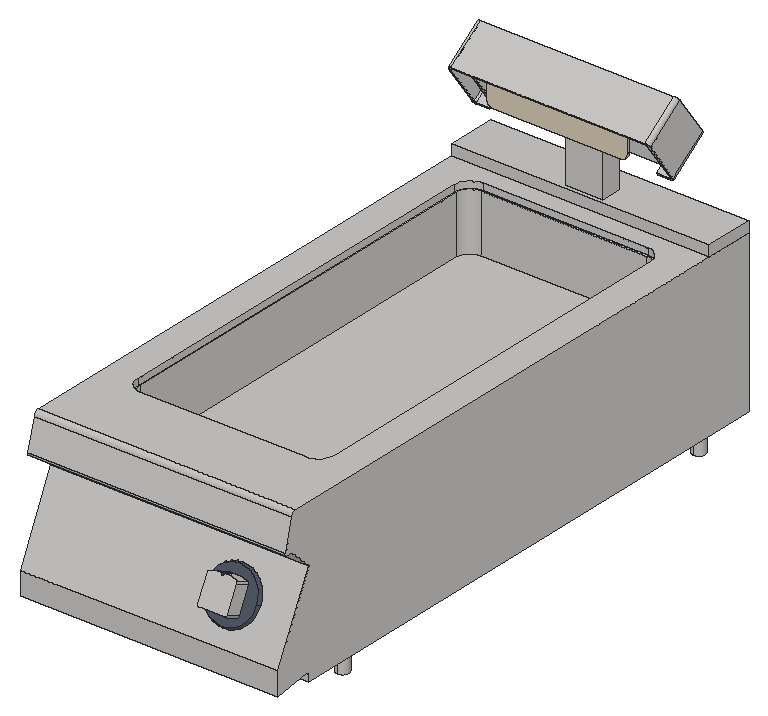
Revit family "QF_ZANUSSI_392098_Z9CSPDC000", category Specialty Equipment, Revit 2018
Family settings
  Round Connector Dimension = Use Diameter
  Part Type = Normal
  Work Plane-Based = No
  Always vertical = Yes
  Cut with Voids When Loaded = No
  Shared = No
  Room Calculation Point = No
Parameters
  Width = 400 mm  # constant formula
  Weight in Pounds = 28  # constant formula
  Weight = 0.00 kg
  Watts = 1000 W  # constant formula
  Volts = 230 V  # constant formula
  URL Manufacturer = "http://www.zanussiprofessional.com"
  URL Cutsheet = "www.electrolux.com"
  URL = "http://www.zanussiprofessional.com"
  Type Mark [instance] = ""
  Steam Supply Size = 0"
  Steam Supply Minimum Pressure = 0.00 psi
  Steam Supply Maximum Pressure = 0.00 psi
  Steam Pounds per Hour = 0
  Status [instance] = ""
  Specification by User [instance] = ""
  Specification by Manufacturer = ""
  Show Logo [instance] = yes
  Show Clearance [instance] = yes
  Serial Number = ""
  Seismic Rating = ""
  SMACNA No = ""
  Revision Code [instance] = ""
  Refrigeration Suction Line Size = 0"
  Refrigeration Liquid Line Size = 0"
  Refrigerant Compressor Remote = yes
  Phase = 1
  Omniclass Number and Title = ""
  Number of Poles [instance] = 1
  NAFEM Spec ID Number = ""
  Model = "Z9CSPDC000"
  Min Ckt Ampacity = 0 A
  Max Overcurrent Protection = 0 A
  Masterspec = ""
  Manufacturer = "Zanussi"
  Length Actual = 400 mm  # constant formula
  Item Number [instance] = "392098"
  Installed By [instance] = ""
  Identify Quantity as Lot [instance] = yes
  Hot Water Size = 0"
  Height Actual = 250 mm  # constant formula
  Height = 290 mm  # constant formula
  HP = "1.3 HP"
  Gas Size = 0"
  Gas KW = 0
  Gas Input Pressure = 0.0 Btu/h
  Furnished By [instance] = ""
  Foodservice Equipment Identifier [instance] = yes
  FL Amps = if(Phase = 3, Watts / (Volts * 1.73), Watts / Volts)  # 4.34783 A
  Electrical Remarks [instance] = "230 V/1N ph/50/60 Hz"  # constant formula
  Electric Connection Type [instance] = ""
  Elec Conn RI Height [instance] = 0 mm
  Elec Conn Connection Height [instance] = 0 mm
  Direct Waste Size = 0"
  Description = "ELECTRIC CHIP SCUTTLE TOP 400 MM"
  Depth Actual = 900 mm  # constant formula
  Depth = 915 mm  # constant formula
  Cycle [instance] = if([60 Hertz Option], 60 Hz, 50 Hz)  # 60 Hz
  Conn Plug = ""
  Conn Conduit = yes
  Condensate Return Size = 0"
  Compressed Air Volume = 0 GPM
  Compressed Air Size = 0"
  Compressed Air Pressure = 0.00 psi
  Cold Water Size = 0"
  CSI MasterFormat = ""
  CSI Master Format = ""
  Base Height = 24 mm  # constant formula
  Assembly Code = ""
  Apparent Power = if(Phase = 3, Volts * FL Amps * 1.73, Volts * FL Amps)  # 1000 VA
  Accessory = yes
  60 Hertz Option [instance] = not([50 Hertz Option])  # yes
  50 Hertz Option [instance] = no
Reference planes
  plane 1 "BACK": y = 0
  plane 2: z = 0
  plane 3 "LEFT": x = 0
  plane 4 "RIGHT": x = 400
  plane 5 "FRONT": y = -915
  plane 6 "TOP": z = 274
  plane 7 "Center Y": x = 200
  plane 8 "Center X": y = -457.5
  plane 9: z = 24
  plane 10: z = 290
  plane 11: y = -82
  plane 12: y = -790
  plane 13: z = 482
  plane 14: z = 80
Forms (mm)
  Extrusion 1, solid, material "QF_Finishes_Stainless Steel"
    sketch origin (0, 0, 0) x (0, 1, 0) y (0, 0, 1)
      loop
        line (0, 24) -> (0, 274) -> (-879.358, 274)
        arc (-879.358, 274) -> (-884.643, 271.811) -> (-886.833, 266.526) r 7.474
        line (-886.833, 266.526) -> (-899.884, 221.011)
        arc (-899.884, 221.011) -> (-899.396, 218.379) -> (-897, 217.184) r 3
        line (-897, 217.184) -> (-886.802, 217.184) -> (-854.982, 185.364) -> (-915, 64.508) -> (-915, 29.508) -> (-858.645, 37.428)
        arc (-858.645, 37.428) -> (-856.101, 36.674) -> (-855, 34.259) r 3.2
        line (-855, 34.259) -> (-855, 24) -> (0, 24)
    from 0 to 400
  Extrusion 2, solid, material "QF_Finishes_Stainless Steel"
    sketch origin (0, 0, 0) x (1, 0, 0) y (0, 1, 0)
      loop
        circle (11, -82) r 9.525
      loop
        circle (389, -82) r 9.525
      loop
        circle (11, -775) r 9.525
      loop
        circle (389, -775) r 9.525
    from 0 to 24
  Extrusion 3, solid, material "QF_Finishes_Stainless Steel"
    sketch origin (0, 0, 0) x (0, 1, 0) y (0, 0, 1)
      loop
        line (0, 274) -> (0, 290) -> (-76.2, 290) -> (-76.2, 274) -> (0, 274)
    from 0 to 400
  Extrusion 4, solid, material "QF_Finishes_Stainless Steel"
    sketch origin (0, 0, 24) x (0, 0, 1) y (1, 0, 0)
      loop
        circle (56, 200) r 3.175
    from 0 to 1.6
  Extrusion 5, solid, material "QF_Clearances", visible <- "Show Clearance", detail levels coarse
    sketch origin (0, 0, 0) x (1, 0, 0) y (0, 1, 0)
      loop
        line (0, -915) -> (0, 0) -> (400, 0) -> (400, -915) -> (550, -915) -> (550, 150) -> (-150, 150) -> (-150, -915) -> (0, -915)
    from 0 to 290
  Extrusion 6, solid, material "QF_Finishes_Stainless Steel"
    sketch origin (0, 0, 0) x (0, 1, 0) y (0, 0, 1)
      loop
        line (-38.1, 290) -> (-38.1, 404.834) -> (-69.19, 383.064) -> (-69.19, 290) -> (-38.1, 290)
    from 171.287 to 228.713
  Extrusion 7, solid, material "QF_Finishes_Stainless Steel"
    sketch origin (0, 207.687, -146.612) x (1, 0, 0) y (0, -0.573576, 0.819152)
      loop
        line (49.422, 592.696) -> (70, 592.696) -> (70, 595.896) -> (49.422, 595.896)
        arc (49.422, 595.896) -> (47.442, 596.716) -> (46.622, 598.696) r 2.8
        line (46.622, 598.696) -> (46.622, 675.455)
        arc (46.622, 675.455) -> (47.442, 677.435) -> (49.422, 678.255) r 2.8
        line (49.422, 678.255) -> (350.922, 678.255)
        arc (350.922, 678.255) -> (352.902, 677.435) -> (353.722, 675.455) r 2.8
        line (353.722, 675.455) -> (353.722, 598.696)
        arc (353.722, 598.696) -> (352.902, 596.716) -> (350.922, 595.896) r 2.8
        line (350.922, 595.896) -> (330, 595.896) -> (330, 592.696) -> (350.922, 592.696)
        arc (350.922, 592.696) -> (355.165, 594.453) -> (356.922, 598.696) r 6
        line (356.922, 598.696) -> (356.922, 675.455)
        arc (356.922, 675.455) -> (355.165, 679.698) -> (350.922, 681.455) r 6
        line (350.922, 681.455) -> (49.422, 681.455)
        arc (49.422, 681.455) -> (45.18, 679.698) -> (43.422, 675.455) r 6
        line (43.422, 675.455) -> (43.422, 598.696)
        arc (43.422, 598.696) -> (45.18, 594.453) -> (49.422, 592.696) r 6
    from -122.733 to -52.733
  Extrusion 8, solid, material "QF_Finishes_Stainless Steel"
    sketch origin (0, 207.687, -146.612) x (1, 0, 0) y (0, -0.573576, 0.819152)
      loop
        arc (353.722, 675.455) -> (352.902, 677.435) -> (350.922, 678.255) r 2.8
        line (350.922, 678.255) -> (49.422, 678.255)
        arc (49.422, 678.255) -> (47.442, 677.435) -> (46.622, 675.455) r 2.8
        line (46.622, 675.455) -> (46.622, 598.696)
        arc (46.622, 598.696) -> (47.442, 596.716) -> (49.422, 595.896) r 2.8
        line (49.422, 595.896) -> (350.922, 595.896)
        arc (350.922, 595.896) -> (352.902, 596.716) -> (353.722, 598.696) r 2.8
        line (353.722, 598.696) -> (353.722, 675.455)
    from -122.733 to -86.366
  Extrusion 9, solid, material "QF_Finishes_Stainless Steel"
    sketch origin (0, 207.687, -146.612) x (0, 0.819152, 0.573576) y (0, -0.573576, 0.819152)
      loop
        line (64.196, 600.535) -> (67.021, 599.033) -> (85.562, 633.903) -> (82.975, 635.853) -> (64.196, 600.535)
      loop
        line (69.646, 647.915) -> (72.471, 646.413) -> (86.232, 672.294) -> (83.645, 674.243) -> (69.646, 647.915)
    from 61.746 to 338.254
  Extrusion 10, solid, material "QF_Finishes_Stainless Steel"
    sketch origin (0, 207.687, -146.612) x (1, 0, 0) y (0, -0.573576, 0.819152)
      loop
        line (59.871, 678.255) -> (56.696, 678.255) -> (56.696, 595.896) -> (59.871, 595.896) -> (59.871, 678.255)
      loop
        line (340.129, 678.255) -> (340.129, 595.896) -> (343.304, 595.896) -> (343.304, 678.255) -> (340.129, 678.255)
    from -86.366 to -65.849
  Extrusion 11, solid, material "QF_Finishes_Almond"
    sketch origin (0, -118.332, -225.151) x (1, 0, 0) y (0, 0, 1)
      loop
        line (90.908, 678.255) -> (90.908, 629.664)
        arc (90.908, 629.664) -> (93.837, 622.593) -> (100.908, 619.664) r 10
        line (100.908, 619.664) -> (299.092, 619.664)
        arc (299.092, 619.664) -> (306.163, 622.593) -> (309.092, 629.664) r 10
        line (309.092, 629.664) -> (309.092, 678.255) -> (90.908, 678.255)
    from 0 to 3.2
  Extrusion 12, void
    sketch origin (0, 0, 0) x (1, 0, 0) y (0, 1, 0)
      loop
        line (328.172, -106.2) -> (72.172, -106.2)
        arc (72.172, -106.2) -> (54.495, -113.522) -> (47.172, -131.2) r 25
        line (47.172, -131.2) -> (47.172, -745.95)
        arc (47.172, -745.95) -> (54.495, -763.628) -> (72.172, -770.95) r 25
        line (72.172, -770.95) -> (328.172, -770.95)
        arc (328.172, -770.95) -> (345.85, -763.628) -> (353.172, -745.95) r 25
        line (353.172, -745.95) -> (353.172, -131.2)
        arc (353.172, -131.2) -> (345.85, -113.522) -> (328.172, -106.2) r 25
    from 174.637 to 275
  Extrusion 13, solid, material "QF_Finishes_Stainless Steel"
    sketch origin (0, 0, 0) x (1, 0, 0) y (0, 1, 0)
      loop
        line (72.172, -770.95) -> (328.172, -770.95)
        arc (328.172, -770.95) -> (345.85, -763.628) -> (353.172, -745.95) r 25
        line (353.172, -745.95) -> (353.172, -131.2)
        arc (353.172, -131.2) -> (345.85, -113.522) -> (328.172, -106.2) r 25
        line (328.172, -106.2) -> (72.172, -106.2)
        arc (72.172, -106.2) -> (54.495, -113.522) -> (47.172, -131.2) r 25
        line (47.172, -131.2) -> (47.172, -745.95)
        arc (47.172, -745.95) -> (54.495, -763.628) -> (72.172, -770.95) r 25
      loop
        arc (328.172, -767.75) -> (343.587, -761.365) -> (349.972, -745.95) r 21.8
        line (349.972, -745.95) -> (349.972, -131.2)
        arc (349.972, -131.2) -> (343.587, -115.785) -> (328.172, -109.4) r 21.8
        line (328.172, -109.4) -> (72.172, -109.4)
        arc (72.172, -109.4) -> (56.757, -115.785) -> (50.372, -131.2) r 21.8
        line (50.372, -131.2) -> (50.372, -745.95)
        arc (50.372, -745.95) -> (56.757, -761.365) -> (72.172, -767.75) r 21.8
        line (72.172, -767.75) -> (328.172, -767.75)
    from 174.637 to 264.637
  Extrusion 14, solid, material "QF_Finishes_Stainless Steel"
    sketch origin (0, 0, -15.166) x (0, 1, 0) y (0, 0, 1)
      loop
        line (-73.082, 483.512) -> (-67.28, 475.226) -> (-65.422, 477.084) -> (-73.082, 483.512)
      loop
        line (-57.188, 460.812) -> (-51.386, 452.526) -> (-49.527, 454.385) -> (-57.188, 460.812)
    from 90.908 to 152.58
  Extrusion 15, solid, material "QF_Finishes_Stainless Steel"
    sketch origin (78.256, 0, -15.166) x (0, 1, 0) y (0, 0, 1)
      loop
        line (-73.082, 483.512) -> (-67.28, 475.226) -> (-65.422, 477.084) -> (-73.082, 483.512)
      loop
        line (-57.188, 460.812) -> (-51.386, 452.526) -> (-49.527, 454.385) -> (-57.188, 460.812)
    from 90.908 to 152.58
  Extrusion 16, solid, material "QF_Finishes_Stainless Steel"
    sketch origin (156.512, 0, -15.166) x (0, 1, 0) y (0, 0, 1)
      loop
        line (-73.082, 483.512) -> (-67.28, 475.226) -> (-65.422, 477.084) -> (-73.082, 483.512)
      loop
        line (-57.188, 460.812) -> (-51.386, 452.526) -> (-49.527, 454.385) -> (-57.188, 460.812)
    from 90.908 to 152.58
  Extrusion 17, solid, material "QF_Finishes_Stainless Steel"
    sketch origin (0, -836.972, 24) x (1, 0, 0) y (0, -1, 0)
      loop
        circle (250, -241.972) r 6.35
    from 0 to 3.2
  Blend 18, solid, material "QF_Finishes_Navy Blue"
    base sketch origin (307.115, -884.991, 124.936) x (1, 0, 0) y (0, 0.444781, 0.895639)
      loop
        circle (0, 0) r 42.5
    top sketch origin (307.115, -884.991, 124.936) x (1, 0, 0) y (0, 0.444781, 0.895639)
      loop
        circle (0, 0) r 40.5
    from 0 to 5
  Extrusion 19, solid, material "QF_Finishes_Stainless Steel"
    sketch origin (307.115, -884.991, 124.936) x (1, 0, 0) y (0, 0.444781, 0.895639)
      loop
        arc (-21.147, 22.789) -> (-22.494, 21.685) -> (-23, 20.019) r 2.997
        line (-23, 20.019) -> (-23, -20.019)
        arc (-23, -20.019) -> (-22.122, -22.138) -> (-20.003, -23.016) r 2.997
        line (-20.003, -23.016) -> (20.003, -23.016)
        arc (20.003, -23.016) -> (22.122, -22.138) -> (23, -20.019) r 2.997
        line (23, -20.019) -> (23, 20.019)
        arc (23, 20.019) -> (22.494, 21.685) -> (21.147, 22.789) r 2.997
        arc (21.147, 22.789) -> (0, 26.984) -> (-21.147, 22.789) r 55.4
    from 10 to 34
  Extrusion 20, solid, material "QF_Plastic-Black-Matte"
    sketch origin (387.115, -884.991, 124.936) x (0, 0.444781, 0.895639) y (0, -0.895639, 0.444781)
      loop
        line (26.984, 34) -> (26.984, 19) -> (27.984, 19) -> (27.984, 34)
        arc (27.984, 34) -> (27.691, 34.707) -> (26.984, 35) r 1
        line (26.984, 35) -> (23.984, 35) -> (23.984, 34) -> (26.984, 34)
    from -81 to -79
  Extrusion 21, solid, material "QF_Finishes_Stainless Steel"
    sketch origin (307.115, -884.991, 124.936) x (1, 0, 0) y (0, 0.444781, 0.895639)
      loop
        line (17.5, 17.5) -> (-17.5, 17.5) -> (-17.5, -17.5) -> (17.5, -17.5) -> (17.5, 17.5)
    from 5 to 10
Cuts and joins
  Extrusion 12 cuts Extrusion 1
  Extrusion 12 cuts Extrusion 2
  Extrusion 12 cuts Extrusion 5
  joined: Extrusion 7, Extrusion 8
Lines and regions (mm)
  Split face 1
    outline origin (306.779, -889.244, 127.614) x (1, 0, 0) y (0, 0.444781, 0.895639)
      loop
        circle (-34, 0) r 1.5
  Split face 2
    outline origin (314.68, -889.848, 126.397) x (1, 0, 0) y (0, 0.444781, 0.895639)
      loop
        circle (-7.566, -33.148) r 1.5
  Split face 3
    outline origin (310.615, -882.712, 140.767) x (1, 0, 0) y (0, 0.444781, 0.895639)
      loop
        circle (30.633, -14.752) r 1.5
  Split face 4
    outline origin (307.115, -889.469, 127.16) x (1, 0, 0) y (0, 0.444781, 0.895639)
      loop
        circle (0, 33.561) r 1.5
  symbolic lines
    curve 1: line (0, -914.879, 0) -> (284.115, -914.879, 0)
    curve 2: line (0, 0, 0) -> (0, -914.879, 0)
    curve 3: line (400, 0, 0) -> (0, 0, 0)
    curve 4: line (400, -914.879, 0) -> (400, 0, 0)
    curve 5: line (0, -76.2, 0) -> (43.422, -76.2, 0)
    curve 9: line (47.172, -139.733, 0) -> (47.172, -745.95, 0)
    curve 10: arc (47.172, -745.95, 0) -> (54.495, -763.628, 0) -> (72.172, -770.95, 0) r 25
    curve 11: line (72.172, -770.95, 0) -> (328.172, -770.95, 0)
    curve 12: arc (328.172, -770.95, 0) -> (345.85, -763.628, 0) -> (353.172, -745.95, 0) r 25
    curve 13: line (353.172, -745.95, 0) -> (353.172, -139.733, 0)
    curve 14: line (350.922, -139.984, 0) -> (49.422, -139.984, 0)
    curve 15: line (356.922, -136.542, 0) -> (356.922, -35.174, 0)
    curve 16: spline (356.922, -136.542, 0) -> (356.871, -136.991, 0) -> (356.718, -137.433, 0) -> (356.466, -137.859, 0) -> (356.118, -138.263, 0) -> (355.682, -138.637, 0) -> (355.165, -138.976, 0) -> (354.575, -139.273, 0) -> (353.922, -139.523, 0) -> (353.218, -139.722, 0) -> (352.475, -139.866, 0) -> (351.705, -139.954, 0) -> (350.922, -139.984, 0)
    curve 17: spline (49.422, -139.984, 0) -> (48.639, -139.954, 0) -> (47.869, -139.866, 0) -> (47.126, -139.722, 0) -> (46.422, -139.523, 0) -> (45.77, -139.273, 0) -> (45.18, -138.976, 0) -> (44.662, -138.637, 0) -> (44.226, -138.263, 0) -> (43.879, -137.859, 0) -> (43.627, -137.433, 0) -> (43.474, -136.991, 0) -> (43.422, -136.542, 0)
    curve 18: line (43.422, -35.174, 0) -> (43.422, -136.542, 0)
    curve 19: line (70, -31.733, 0) -> (49.422, -31.733, 0)
    curve 20: spline (49.422, -31.733, 0) -> (48.639, -31.762, 0) -> (47.869, -31.85, 0) -> (47.126, -31.995, 0) -> (46.422, -32.194, 0) -> (45.77, -32.444, 0) -> (45.18, -32.741, 0) -> (44.662, -33.079, 0) -> (44.226, -33.453, 0) -> (43.879, -33.857, 0) -> (43.627, -34.283, 0) -> (43.474, -34.725, 0) -> (43.422, -35.174, 0)
    curve 21: line (330, -33.568, 0) -> (70, -33.568, 0)
    curve 22: line (70, -33.568, 0) -> (70, -31.733, 0)
    curve 23: line (330, -31.733, 0) -> (330, -33.568, 0)
    curve 24: line (350.922, -31.733, 0) -> (330, -31.733, 0)
    curve 25: spline (356.922, -35.174, 0) -> (356.871, -34.725, 0) -> (356.718, -34.283, 0) -> (356.466, -33.857, 0) -> (356.118, -33.453, 0) -> (355.682, -33.079, 0) -> (355.165, -32.741, 0) -> (354.575, -32.444, 0) -> (353.922, -32.194, 0) -> (353.218, -31.995, 0) -> (352.475, -31.85, 0) -> (351.705, -31.762, 0) -> (350.922, -31.733, 0)
    curve 26: spline (43.422, -79.202, 0) -> (43.474, -79.651, 0) -> (43.627, -80.092, 0) -> (43.879, -80.519, 0) -> (44.226, -80.922, 0) -> (44.662, -81.297, 0) -> (45.18, -81.635, 0) -> (45.77, -81.932, 0) -> (46.422, -82.182, 0) -> (47.126, -82.381, 0) -> (47.869, -82.526, 0) -> (48.639, -82.614, 0) -> (49.422, -82.643, 0)
    curve 27: line (49.422, -82.643, 0) -> (350.922, -82.643, 0)
    curve 28: spline (350.922, -82.643, 0) -> (351.705, -82.614, 0) -> (352.475, -82.526, 0) -> (353.218, -82.381, 0) -> (353.922, -82.182, 0) -> (354.575, -81.932, 0) -> (355.165, -81.635, 0) -> (355.682, -81.297, 0) -> (356.118, -80.922, 0) -> (356.466, -80.519, 0) -> (356.718, -80.092, 0) -> (356.871, -79.651, 0) -> (356.922, -79.202, 0)
    curve 29: line (309.092, -49.527, 0) -> (247.42, -49.527, 0)
    curve 30: line (247.42, -57.188, 0) -> (309.092, -57.188, 0)
    curve 31: line (309.092, -73.082, 0) -> (309.092, -65.422, 0)
    curve 32: line (247.42, -49.527, 0) -> (247.42, -57.188, 0)
    curve 33: line (230.836, -73.082, 0) -> (230.836, -65.422, 0)
    curve 34: line (169.164, -49.527, 0) -> (169.164, -57.188, 0)
    curve 35: line (230.836, -49.527, 0) -> (169.164, -49.527, 0)
    curve 36: line (169.164, -57.188, 0) -> (230.836, -57.188, 0)
    curve 37: line (230.836, -65.422, 0) -> (169.164, -65.422, 0)
    curve 38: line (169.164, -73.082, 0) -> (230.836, -73.082, 0)
    curve 39: line (90.908, -73.082, 0) -> (152.58, -73.082, 0)
    curve 40: line (152.58, -65.422, 0) -> (90.908, -65.422, 0)
    curve 41: line (90.908, -57.188, 0) -> (152.58, -57.188, 0)
    curve 42: line (152.58, -49.527, 0) -> (90.908, -49.527, 0)
    curve 43: line (90.908, -49.527, 0) -> (90.908, -57.188, 0)
    curve 44: line (152.58, -73.082, 0) -> (152.58, -65.422, 0)
    curve 45: line (90.908, -65.422, 0) -> (90.908, -73.082, 0)
    curve 46: line (169.164, -65.422, 0) -> (169.164, -73.082, 0)
    curve 47: line (230.836, -57.188, 0) -> (230.836, -49.527, 0)
    curve 48: line (247.42, -65.422, 0) -> (247.42, -73.082, 0)
    curve 49: line (309.092, -57.188, 0) -> (309.092, -49.527, 0)
    curve 50: line (309.092, -65.422, 0) -> (247.42, -65.422, 0)
    curve 51: line (247.42, -73.082, 0) -> (309.092, -73.082, 0)
    curve 52: line (152.58, -57.188, 0) -> (152.58, -49.527, 0)
    curve 53: line (356.922, -76.2, 0) -> (400, -76.2, 0)
    curve 54: line (56.672, -139.733, 0) -> (56.672, -745.95, 0)
    curve 55: arc (56.672, -745.95, 0) -> (61.212, -756.91, 0) -> (72.172, -761.45, 0) r 15.5
    curve 56: line (72.172, -761.45, 0) -> (328.172, -761.45, 0)
    curve 57: arc (328.172, -761.45, 0) -> (339.132, -756.91, 0) -> (343.672, -745.95, 0) r 15.5
    curve 58: line (343.672, -745.95, 0) -> (343.672, -139.733, 0)
    curve 59: line (328.172, -761.45, 0) -> (328.172, -770.95, 0)
    curve 60: line (343.672, -745.95, 0) -> (353.172, -745.95, 0)
    curve 61: line (72.172, -761.45, 0) -> (72.172, -770.95, 0)
    curve 62: line (56.672, -745.95, 0) -> (47.172, -745.95, 0)
    curve 63: line (0, -899.879, 0) -> (400, -899.879, 0)
    curve 64: line (284.115, -899.986, 0) -> (284.115, -924.332, 0)
    curve 65: arc (284.115, -924.332, 0) -> (284.261, -924.796, 0) -> (284.647, -925.092, 0) r 0.809
    curve 66: arc (284.647, -925.092, 0) -> (285.834, -925.573, 0) -> (287.112, -925.666, 0) r 4.127
    curve 67: arc (284.115, -904.278, 0) -> (279.073, -902.444, 0) -> (274.305, -899.986, 0) r 42.24
    curve 68: arc (284.115, -906.524, 0) -> (284.617, -905.803, 0) -> (285.414, -905.434, 0) r 1.682
    curve 69: arc (285.414, -905.434, 0) -> (295.716, -903.936, 0) -> (306.115, -903.426, 0) r 109.079
    curve 70: line (306.115, -899.986, 0) -> (306.115, -905.656, 0)
    curve 71: line (306.115, -905.656, 0) -> (308.115, -905.656, 0)
    curve 72: line (308.115, -905.656, 0) -> (308.115, -899.986, 0)
    curve 73: line (330.115, -899.986, 0) -> (330.115, -924.332, 0)
    curve 74: arc (330.115, -924.332, 0) -> (329.968, -924.796, 0) -> (329.583, -925.092, 0) r 0.809
    curve 75: arc (329.583, -925.092, 0) -> (328.395, -925.573, 0) -> (327.117, -925.666, 0) r 4.127
    curve 76: arc (330.115, -904.278, 0) -> (335.156, -902.444, 0) -> (339.924, -899.986, 0) r 42.24
    curve 77: arc (330.115, -906.524, 0) -> (329.613, -905.803, 0) -> (328.815, -905.434, 0) r 1.682
    curve 78: arc (328.815, -905.434, 0) -> (318.513, -903.936, 0) -> (308.115, -903.426, 0) r 109.079
    curve 79: line (287.112, -925.666, 0) -> (327.117, -925.666, 0)
    curve 80: line (330.115, -914.879, 0) -> (400, -914.879, 0)
  symbolic lines, style "QF_Clearances", visible <- "Show Clearance", detail levels coarse
    curve 6: line (550, -915, 0) -> (550, 150, 0)
    curve 7: line (550, 150, 0) -> (-150, 150, 0)
    curve 8: line (-150, 150, 0) -> (-150, -915, 0)
Dimensions and locks
  equal spacing: plane 3 "LEFT", plane 7 "Center Y", plane 4 "RIGHT"
  "Width": plane 3 "LEFT" to plane 4 "RIGHT"
  equal spacing: plane 5 "FRONT", plane 8 "Center X", plane 1 "BACK"
  "Depth": plane 5 "FRONT" to plane 1 "BACK"
  "Height": plane 10 to level
  "Base Height": plane 9 to level
  plane 9 to level = 24 mm
  plane 1 "BACK" to plane 11 = 82 mm
  plane 11 to plane 12 = 708 mm
  plane 6 "TOP" to plane 9 = 250 mm  (x2)
  plane 10 to level = 290 mm
  plane 13 to level = 482 mm
  plane 4 "RIGHT" to curve 6 = 150 mm
  curve 8 to plane 3 "LEFT" = 150 mm
  curve 7 to plane 1 "BACK" = 150 mm
  plane 9 to plane 14 = 56 mm
  plane 1 "BACK" to Extrusion 17 = 595 mm
  aligned and locked: level to plane 2
  aligned and locked: plane 4 "RIGHT" to Extrusion 1
  aligned and locked: plane 4 "RIGHT" to Extrusion 3
Automatic sketch dimensions
  Extrusion 3 sketch curve to plane 6 "TOP" = 0 mm
  Extrusion 3 sketch curve to plane 10 = 0 mm
  Extrusion 3 sketch curve to plane 1 "BACK" = 0 mm
  Extrusion 6 sketch curve to plane 10 = 0 mm
  Extrusion 6 sketch curve to Extrusion 6 sketch curve = 31.09 mm
  Extrusion 6 sketch curve to Extrusion 6 sketch curve = 21.77 mm
  Extrusion 9 sketch curve to Extrusion 9 sketch curve = 2.825 mm  (x2)
  Extrusion 9 sketch curve to Extrusion 9 sketch curve = 5.45 mm
  Extrusion 9 sketch curve to Extrusion 9 sketch curve = 10.503 mm
  Extrusion 9 sketch curve to Extrusion 9 sketch curve = 13.999 mm
  Extrusion 9 sketch curve to Extrusion 9 sketch curve = 2.587 mm  (x2)
  Extrusion 9 sketch curve to Extrusion 9 sketch curve = 1.502 mm  (x2)
  Extrusion 9 sketch curve to Extrusion 9 sketch curve = 10.56 mm
  Extrusion 11 sketch curve to Extrusion 11 sketch curve = 10 mm  (x2)
  Extrusion 14 sketch curve to Extrusion 14 sketch curve = 5.802 mm  (x2)
  Extrusion 14 sketch curve to Extrusion 14 sketch curve = 1.858 mm  (x4)
  Extrusion 14 sketch curve to Extrusion 14 sketch curve = 10.092 mm
  Extrusion 14 sketch curve to Extrusion 14 sketch curve = 14.414 mm
  Extrusion 14 sketch curve to Extrusion 14 sketch curve = 6.428 mm  (x2)
  Extrusion 15 sketch curve to Extrusion 15 sketch curve = 5.802 mm  (x2)
  Extrusion 15 sketch curve to Extrusion 15 sketch curve = 1.858 mm  (x4)
  Extrusion 15 sketch curve to Extrusion 15 sketch curve = 10.092 mm
  Extrusion 15 sketch curve to Extrusion 15 sketch curve = 14.414 mm
  Extrusion 15 sketch curve to Extrusion 15 sketch curve = 6.428 mm  (x2)
  Extrusion 16 sketch curve to Extrusion 16 sketch curve = 5.802 mm  (x2)
  Extrusion 16 sketch curve to Extrusion 16 sketch curve = 1.858 mm  (x4)
  Extrusion 16 sketch curve to Extrusion 16 sketch curve = 10.092 mm
  Extrusion 16 sketch curve to Extrusion 16 sketch curve = 14.414 mm
  Extrusion 16 sketch curve to Extrusion 16 sketch curve = 6.428 mm  (x2)
  Extrusion 11 sketch curve to plane 7 "Center Y" = 99.092 mm
  plane 7 "Center Y" to Extrusion 11 sketch curve = 99.092 mm
  plane 1 "BACK" to Extrusion 3 sketch curve = 76.2 mm
  plane 1 "BACK" to Extrusion 6 sketch curve = 69.19 mm
  plane 1 "BACK" to Extrusion 9 sketch curve = 84.18 mm
  plane 1 "BACK" to Extrusion 14 sketch curve = 73.082 mm
  plane 1 "BACK" to Extrusion 15 sketch curve = 73.082 mm
  plane 1 "BACK" to Extrusion 16 sketch curve = 73.082 mm
  plane 5 "FRONT" to Extrusion 5 sketch curve = 0 mm  (x2)
  Extrusion 5 sketch curve to plane 3 "LEFT" = 0 mm
  Extrusion 5 sketch curve to plane 4 "RIGHT" = 0 mm
  plane 1 "BACK" to Extrusion 5 sketch curve = 0 mm
  Extrusion 5 sketch curve to plane 3 "LEFT" = 150 mm
  plane 4 "RIGHT" to Extrusion 5 sketch curve = 150 mm
  Extrusion 5 sketch curve to plane 1 "BACK" = 150 mm
  Extrusion 7 sketch curve to Extrusion 7 sketch curve = 0 mm  (x9)
  plane 3 "LEFT" to Extrusion 7 sketch curve = 43.422 mm
  Extrusion 7 sketch curve to Extrusion 7 sketch curve = 3.2 mm
  Extrusion 7 sketch curve to Extrusion 7 sketch curve = 2.8 mm  (x3)
  Extrusion 7 sketch curve to Extrusion 7 sketch curve = 20.578 mm
  Extrusion 7 sketch curve to plane 4 "RIGHT" = 70 mm
  Extrusion 7 sketch curve to Extrusion 7 sketch curve = 20.922 mm
  Extrusion 7 sketch curve to plane 4 "RIGHT" = 49.078 mm
  Extrusion 7 sketch curve to Extrusion 7 sketch curve = 76.76 mm
  plane 3 "LEFT" to Extrusion 8 sketch curve = 46.622 mm
  Extrusion 8 sketch curve to Extrusion 8 sketch curve = 2.8 mm  (x3)
  Extrusion 8 sketch curve to plane 4 "RIGHT" = 49.078 mm  (x2)
  Extrusion 8 sketch curve to Extrusion 8 sketch curve = 76.76 mm
  plane 3 "LEFT" to Extrusion 10 sketch curve = 56.696 mm
  Extrusion 10 sketch curve to Extrusion 10 sketch curve = 3.175 mm  (x2)
  Extrusion 10 sketch curve to plane 4 "RIGHT" = 59.871 mm
  Extrusion 10 sketch curve to Extrusion 10 sketch curve = 0 mm
  Extrusion 10 sketch curve to Extrusion 10 sketch curve = 82.36 mm  (x2)
  plane 3 "LEFT" to Extrusion 12 sketch curve = 47.172 mm
  Extrusion 12 sketch curve to Extrusion 12 sketch curve = 25 mm  (x3)
  Extrusion 12 sketch curve to plane 4 "RIGHT" = 71.828 mm  (x2)
  Extrusion 12 sketch curve to plane 5 "FRONT" = 144.05 mm
  plane 1 "BACK" to Extrusion 12 sketch curve = 131.2 mm
  Extrusion 13 sketch curve to Extrusion 13 sketch curve = 0 mm  (x8)
  plane 3 "LEFT" to Extrusion 13 sketch curve = 47.172 mm
  Extrusion 13 sketch curve to Extrusion 13 sketch curve = 3.2 mm
  Extrusion 13 sketch curve to Extrusion 13 sketch curve = 21.8 mm  (x3)
  Extrusion 13 sketch curve to plane 4 "RIGHT" = 71.828 mm  (x2)
  Extrusion 13 sketch curve to plane 5 "FRONT" = 144.05 mm
  plane 1 "BACK" to Extrusion 13 sketch curve = 131.2 mm
  Extrusion 2 sketch curve to Extrusion 2 sketch curve = 0 mm  (x8)
  plane 3 "LEFT" to Extrusion 2 sketch curve = 11 mm  (x2)
  Extrusion 2 sketch curve to plane 4 "RIGHT" = 11 mm  (x2)
  Extrusion 2 sketch curve to plane 5 "FRONT" = 130.475 mm  (x2)
  Extrusion 2 sketch curve to Extrusion 2 sketch curve = 9.525 mm  (x4)
  plane 1 "BACK" to Extrusion 2 sketch curve = 91.525 mm  (x2)
  Extrusion 6 sketch curve to plane 13 = 98.936 mm
  plane 10 to Extrusion 9 sketch curve = 92.139 mm
  Extrusion 11 sketch curve to plane 13 = 87.487 mm
  Extrusion 11 sketch curve to plane 13 = 28.896 mm
  Extrusion 14 sketch curve to plane 13 = 44.64 mm
  Extrusion 15 sketch curve to plane 13 = 44.64 mm
  Extrusion 16 sketch curve to plane 13 = 44.64 mm
  Extrusion 1 sketch curve to plane 6 "TOP" = 0 mm
  Extrusion 1 sketch curve to plane 9 = 0 mm
  plane 9 to Extrusion 1 sketch curve = 5.508 mm
  plane 5 "FRONT" to Extrusion 1 sketch curve = 0 mm
  Extrusion 1 sketch curve to plane 6 "TOP" = 52.989 mm
  Extrusion 1 sketch curve to plane 5 "FRONT" = 15.116 mm
  Extrusion 1 sketch curve to Extrusion 1 sketch curve = 2.884 mm
  Extrusion 1 sketch curve to plane 6 "TOP" = 7.474 mm
  Extrusion 1 sketch curve to Extrusion 1 sketch curve = 13.051 mm
  Extrusion 1 sketch curve to Extrusion 1 sketch curve = 10.198 mm
  plane 9 to Extrusion 1 sketch curve = 13.428 mm
  Extrusion 1 sketch curve to Extrusion 1 sketch curve = 56.355 mm
  Extrusion 1 sketch curve to Extrusion 1 sketch curve = 0.445 mm
  Extrusion 1 sketch curve to Extrusion 1 sketch curve = 3.2 mm
  Extrusion 1 sketch curve to Extrusion 1 sketch curve = 31.82 mm
  plane 11 to Extrusion 1 sketch curve = 82 mm
  plane 14 to Extrusion 1 sketch curve = 15.492 mm
  Extrusion 1 sketch curve to Extrusion 1 sketch curve = 35.647 mm
  Extrusion 1 sketch curve to Extrusion 1 sketch curve = 3.827 mm
  Extrusion 4 sketch curve to plane 7 "Center Y" = 0 mm
  Extrusion 4 sketch curve to plane 14 = 0 mm
  plane 7 "Center Y" to Extrusion 17 sketch curve = 50 mm
  Extrusion 17 sketch curve to plane 8 "Center X" = 137.5 mm
  plane 3 "LEFT" to Blend 18 sketch curve = 307.115 mm  (x2)
  plane 3 "LEFT" to Extrusion 19 sketch curve = 284.115 mm
  Extrusion 19 sketch curve to Extrusion 19 sketch curve = 2.997 mm  (x3)
  Extrusion 19 sketch curve to Extrusion 19 sketch curve = 20.003 mm  (x2)
  Extrusion 19 sketch curve to Extrusion 19 sketch curve = 40.005 mm
  Extrusion 19 sketch curve to Extrusion 19 sketch curve = 5.399 mm
  Extrusion 19 sketch curve to Extrusion 19 sketch curve = 40.037 mm
  Extrusion 19 sketch curve to Extrusion 19 sketch curve = 0 mm  (x2)
  Extrusion 20 sketch curve to plane 5 "FRONT" = 9.329 mm
  Extrusion 20 sketch curve to plane 14 = 81.984 mm
  Extrusion 20 sketch curve to Extrusion 20 sketch curve = 3 mm
  Extrusion 20 sketch curve to Extrusion 20 sketch curve = 0 mm  (x2)
  Extrusion 20 sketch curve to Extrusion 20 sketch curve = 1 mm
  Extrusion 20 sketch curve to Extrusion 20 sketch curve = 15 mm
  plane 3 "LEFT" to Extrusion 21 sketch curve = 289.615 mm
  Extrusion 21 sketch curve to Extrusion 21 sketch curve = 35 mm  (x2)
  curve 2 to plane 3 "LEFT" = 0 mm
  plane 1 "BACK" to curve 3 = 0 mm
  curve 3 to plane 4 "RIGHT" = 0 mm
  plane 5 "FRONT" to curve 8 = 0 mm
  plane 5 "FRONT" to curve 6 = 0 mm
  plane 3 "LEFT" to curve 18 = 43.422 mm
  plane 3 "LEFT" to curve 62 = 47.172 mm
  curve 18 to curve 19 = 6 mm
  curve 27 to plane 11 = 0.643 mm
  curve 26 to curve 27 = 6 mm
  curve 9 to curve 14 = 2.25 mm
  curve 9 to curve 62 = 9.5 mm
  curve 20 to curve 21 = 14.578 mm
  curve 54 to curve 55 = 15.5 mm
  curve 21 to curve 42 = 20.908 mm
  curve 40 to curve 41 = 0 mm
  plane 11 to curve 44 = 8.918 mm
  curve 44 to plane 7 "Center Y" = 47.42 mm
  curve 52 to curve 40 = 0 mm
  curve 42 to curve 35 = 16.585 mm
  curve 46 to curve 34 = 0 mm
  plane 7 "Center Y" to curve 47 = 30.836 mm
  curve 38 to curve 36 = 0 mm
  curve 35 to curve 32 = 16.585 mm
  curve 48 to curve 30 = 0 mm
  curve 29 to curve 29 = 61.672 mm
  curve 31 to curve 30 = 0 mm
  curve 12 to plane 4 "RIGHT" = 71.828 mm
  curve 29 to curve 21 = 20.908 mm
  curve 57 to curve 60 = 15.5 mm
  curve 14 to curve 13 = 2.25 mm
  curve 23 to curve 24 = 20.922 mm
  curve 31 to curve 27 = 41.83 mm
  curve 13 to curve 15 = 3.75 mm
  curve 1 to plane 5 "FRONT" = 0.121 mm
  plane 12 to curve 11 = 19.05 mm
  curve 14 to curve 26 = 57.341 mm
  curve 16 to curve 15 = 3.441 mm
  curve 14 to curve 18 = 3.441 mm
  plane 11 to curve 51 = 8.918 mm
  plane 11 to curve 46 = 8.918 mm
  curve 39 to curve 40 = 7.66 mm
  curve 33 to curve 33 = 7.66 mm
  curve 48 to curve 48 = 7.66 mm
  curve 31 to curve 30 = 8.234 mm
  curve 40 to curve 41 = 8.234 mm
  curve 33 to curve 47 = 8.234 mm
  curve 41 to curve 43 = 7.66 mm
  curve 36 to curve 47 = 7.66 mm
  curve 30 to curve 49 = 7.66 mm
  plane 1 "BACK" to curve 15 = 35.174 mm
  plane 1 "BACK" to curve 18 = 35.174 mm
  curve 20 to curve 22 = 1.606 mm
  curve 21 to curve 23 = 1.835 mm
  curve 20 to curve 19 = 3.441 mm
  curve 80 to curve 63 = 15 mm
  curve 14 to curve 58 = 0.251 mm
  curve 54 to curve 17 = 3.19 mm
  plane 11 to curve 28 = 2.798 mm
  plane 11 to curve 26 = 2.798 mm
  plane 11 to curve 53 = 5.8 mm
  curve 26 to curve 5 = 3.002 mm
  curve 68 to plane 5 "FRONT" = 7.909 mm
  curve 65 to curve 68 = 0.774 mm
  curve 65 to curve 66 = 1.846 mm
  curve 68 to curve 67 = 10.309 mm
  curve 69 to curve 78 = 1.738 mm
  curve 67 to curve 76 = 22.215 mm
  plane 5 "FRONT" to curve 75 = 6.553 mm
  curve 75 to curve 77 = 1.071 mm
  curve 69 to curve 78 = 0 mm
  curve 77 to plane 5 "FRONT" = 7.909 mm
  curve 77 to curve 76 = 43.345 mm
  curve 67 to curve 76 = 0 mm
  curve 67 to curve 68 = 11.392 mm
  curve 65 to curve 65 = 0.809 mm
  curve 65 to curve 65 = 0.277 mm
  curve 68 to curve 68 = 0.284 mm
  curve 65 to curve 66 = 2.465 mm
  curve 68 to curve 69 = 20.417 mm
  curve 70 to curve 72 = 2 mm
  curve 75 to curve 74 = 2.189 mm
  curve 77 to curve 78 = 0.284 mm
  curve 74 to curve 74 = 0.277 mm
  curve 74 to curve 73 = 0.809 mm
  curve 77 to curve 76 = 1.299 mm
  curve 73 to curve 76 = 9.809 mm
  curve 75 to curve 74 = 0.573 mm
  curve 66 to curve 65 = 0.573 mm
  curve 68 to curve 68 = 0.567 mm
  curve 77 to curve 77 = 0.567 mm
  curve 71 to plane 5 "FRONT" = 9.344 mm
  curve 68 to curve 67 = 1.156 mm
  curve 77 to curve 76 = 1.156 mm
  curve 67 to curve 64 = 4.292 mm
  curve 78 to curve 72 = 3.441 mm
  curve 70 to curve 72 = 0 mm
  curve 76 to curve 73 = 4.292 mm
  plane 7 "Center Y" to curve 64 = 84.115 mm
  curve 79 to curve 69 = 19.134 mm
  curve 71 to curve 79 = 19.003 mm
  curve 69 to curve 79 = 86.839 mm
  curve 1 to curve 66 = 2.654 mm
  curve 80 to plane 5 "FRONT" = 0.121 mm
  curve 75 to curve 80 = 2.654 mm
  radius of Extrusion 4 sketch curve = 3.175 mm
  radius of Extrusion 17 sketch curve = 6.35 mm
  radius of Blend 18 sketch curve = 42.5 mm
  radius of Blend 18 sketch curve = 40.5 mm
  radius of Split face 1 sketch curve = 1.5 mm
  radius of Split face 2 sketch curve = 1.5 mm
  radius of Split face 3 sketch curve = 1.5 mm
  radius of Split face 4 sketch curve = 1.5 mm
Connectors
  electrical at (200, 1.6, 80), driven by "Volts", driven by "Watts"
    settings: on Extrusion 4, index 1, voltage 230 V, apparent load 1000 VA, apparent load phase1 0 VA, apparent load phase2 0 VA, apparent load phase3 0 VA, power factor 1, load classification "Other", number of poles 1, system type 30, power factor state 1, is connector primary yes, connector utility no, sub classification motor no, connector description "ELECTRICAL CONNECTION"
